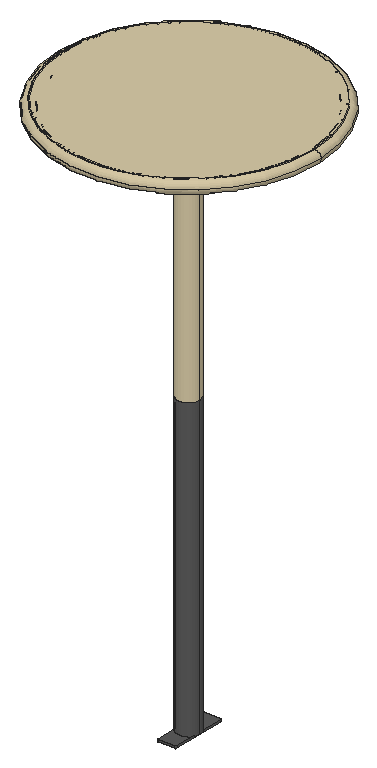
Revit family "1411-F", category Meble, Revit 2021
Family settings
  Numer OmniClass = 23.40.20.00
  Tytuł OmniClass = General Furniture and Specialties
  Oparty na płaszczyźnie roboczej = Nie
  Zawsze pionowo = Tak
  Tnij formami wycięć po wczytaniu = Nie
  Współdzielony = Nie
  Punkt obliczania pomieszczeń = Nie
Parameters (values of type "1411-F")
  metal = Mobilis Design RAL 1000
  Width = "70 cm"
  Weight = "25 kg"
  URL = ""
  Product Line = "Phoenix"
  Product Groups = ""
  Manufacturer = ""
  Keynote = ""
  Description = ""
  Model = "1411-F"
  Material = ""
  Maintenance = ""
  Lenght = "70 cm"
  Type Comments = ""
  Mobilis Design Materials = ""
  Hosted on = ""
  Height = "70 cm"
  Domyślna rzędna = 0 mm
  Copyright = "All designs and drawings are the common intellectual property of Lars Laj A/S and Tress and are protected by Danish and international copyright laws."
Reference planes
  plane 1: z = 0
  plane 2 "Środek (Lewa/Prawa)": x = 0
  plane 3 "Środek": y = 257.204
Forms (mm)
  Extrusion 1, solid, material "Mobilis Design RAL 1000" <- "metal", not visible
    sketch origin (0, 0, 0) x (0, 1, 0) y (0, 0, 1)
      loop
        arc (71.187, 451.5) -> (57.045, 445.642) -> (51.187, 431.5) r 20
        line (51.187, 431.5) -> (51.187, 18.231)
        arc (51.187, 18.231) -> (56.527, 5.34) -> (69.418, 0) r 18.231
        line (69.418, 0) -> (153.638, 0) -> (153.638, 15) -> (448.638, 15) -> (448.638, 0) -> (527.023, 0)
        arc (527.023, 0) -> (542.307, 6.331) -> (548.638, 21.615) r 21.615
        line (548.638, 21.615) -> (548.638, 429.407)
        arc (548.638, 429.407) -> (542.168, 445.029) -> (526.545, 451.5) r 22.093
        line (526.545, 451.5) -> (71.187, 451.5)
    from 750.378 to 745
  Extrusion 2, solid, material "Mobilis Design RAL 1000" <- "metal", not visible
    sketch origin (0, 0, 0) x (0, 1, 0) y (0, 0, 1)
      loop
        line (548.638, 396.844) -> (629.375, 854.725) -> (601.836, 859.581)
        arc (601.836, 859.581) -> (585.224, 855.898) -> (576.082, 841.547) r 22.232
        line (576.082, 841.547) -> (507.306, 451.5) -> (526.545, 451.5)
        arc (526.545, 451.5) -> (542.168, 445.029) -> (548.638, 429.407) r 22.093
        line (548.638, 429.407) -> (548.638, 396.844)
    from 745 to 750.378
  Extrusion 3, solid, material "Mobilis Design RAL 1000" <- "metal"
    sketch origin (396.607, -18.452, 868.765) x (0, -1, 0) y (1, 0, 0)
      loop
        circle (-275.327, -399.004) r 30.15
      loop
        circle (-275.327, -399.004) r 28.15
    from -202.515 to -868.765
  Extrusion 4, solid, material "Painted Black"
    sketch origin (695.879, -21.874, 0) x (1, 0, 0) y (0, 1, 0)
      loop
        line (-722.97, 354.396) -> (-722.97, 210.396)
        arc (-722.97, 210.396) -> (-722.091, 208.274) -> (-719.97, 207.396) r 3
        line (-719.97, 207.396) -> (-675.97, 207.396)
        arc (-675.97, 207.396) -> (-673.849, 208.274) -> (-672.97, 210.396) r 3
        line (-672.97, 210.396) -> (-672.97, 354.396)
        arc (-672.97, 354.396) -> (-673.849, 356.517) -> (-675.97, 357.396) r 3
        line (-675.97, 357.396) -> (-719.97, 357.396)
        arc (-719.97, 357.396) -> (-722.091, 356.517) -> (-722.97, 354.396) r 3
    from -800 to -795
  Extrusion 5, solid, material "Painted Black"
    sketch origin (396.607, -17.202, 868.765) x (1, 0, 0) y (0, 1, 0)
      loop
        circle (-399.004, 275.327) r 30.15
      loop
        circle (-399.004, 275.327) r 28.15
    from -868.765 to -1663.765
  Extrusion 6, solid, material "Mobilis Design RAL 1000" <- "metal"
    sketch origin (581.466, 257.204, 249.062) x (-1, 0, 0) y (0, 0, 1)
      loop
        line (608.966, 447.188) -> (558.966, 447.188) -> (558.966, 417.188) -> (608.966, 417.188) -> (608.966, 447.188)
      loop
        line (606.966, 445.188) -> (560.966, 445.188) -> (560.966, 419.188) -> (606.966, 419.188) -> (606.966, 445.188)
    from -313.886 to 318.714
  Extrusion 7, solid, material "Kobenhagen RAL 5012", not visible
    sketch origin (-110.268, -19.702, 0) x (0, -1, 0) y (1, 0, 0)
      loop
        circle (-275.327, -399.004) r 30.15
      loop
        circle (-275.327, -399.004) r 28.15
    from 444.1 to 0
  Extrusion 8, solid, material "Kobenhagen RAL 5012", not visible
    sketch origin (239.004, -16.847, 0) x (1, 0, 0) y (0, 1, 0)
      loop
        line (-699.004, 325.327) -> (-799.004, 325.327) -> (-799.004, 225.327) -> (-699.004, 225.327) -> (-699.004, 325.327)
    from 447.05 to 443.488
  Extrusion 9, solid, material "Painted Black", not visible
    sketch origin (189.004, -23.124, 0) x (1, 0, 0) y (0, 1, 0)
      loop
        line (-722.97, 354.396) -> (-722.97, 210.396)
        arc (-722.97, 210.396) -> (-722.091, 208.274) -> (-719.97, 207.396) r 3
        line (-719.97, 207.396) -> (-675.97, 207.396)
        arc (-675.97, 207.396) -> (-673.849, 208.274) -> (-672.97, 210.396) r 3
        line (-672.97, 210.396) -> (-672.97, 354.396)
        arc (-672.97, 354.396) -> (-673.849, 356.517) -> (-675.97, 357.396) r 3
        line (-675.97, 357.396) -> (-719.97, 357.396)
        arc (-719.97, 357.396) -> (-722.091, 356.517) -> (-722.97, 354.396) r 3
    from -800 to -795
  Extrusion 10, solid, material "Painted Black", not visible
    sketch origin (-110.268, -18.452, 0) x (1, 0, 0) y (0, 1, 0)
      loop
        circle (-399.004, 275.327) r 30.15
      loop
        circle (-399.004, 275.327) r 28.15
    from 0 to -795
  Extrusion 11, solid, material "Mobilis Design RAL 1000" <- "metal"
    sketch origin (-5.756, 840.413, 249.062) x (0, -1, 0) y (0, 0, 1)
      loop
        line (608.966, 447.188) -> (558.966, 447.188) -> (558.966, 417.188) -> (608.966, 417.188) -> (608.966, 447.188)
      loop
        line (606.966, 445.188) -> (560.966, 445.188) -> (560.966, 419.188) -> (606.966, 419.188) -> (606.966, 445.188)
    from 21.334 to 313.987
  Extrusion 12, solid, material "Mobilis Design RAL 1000" <- "metal"
    sketch origin (5.756, 841.663, 249.062) x (0, -1, 0) y (0, 0, -1)
      loop
        line (608.966, -447.188) -> (608.966, -417.188) -> (558.966, -417.188) -> (558.966, -447.188) -> (608.966, -447.188)
      loop
        line (606.966, -445.188) -> (606.966, -419.188) -> (560.966, -419.188) -> (560.966, -445.188) -> (606.966, -445.188)
    from 14.744 to 307.1
  Extrusion 13, solid, material "Mobilis Design RAL 1000" <- "metal"
    sketch origin (0, 0, 50) x (1, 0, 0) y (0, 1, 0)
      loop
        circle (-3.444, 259.618) r 333.15
    from 647 to 650
  Sweep 14, solid, material "Mobilis Design RAL 1000" <- "metal"
    path origin (0, 0, 0) x (1, 0, 0) y (0, 1, 0)
      loop
        circle (-3.444, 259.618) r 333.15
    profile origin (-3.444, -73.532, 0) x (0, 1, 0) y (0, 0, 1)
      loop
        circle (0, 683.096) r 16.868
      loop
        circle (0.117, 683.18) r 15.694
Dimensions and locks
  aligned and locked: level to plane 1
